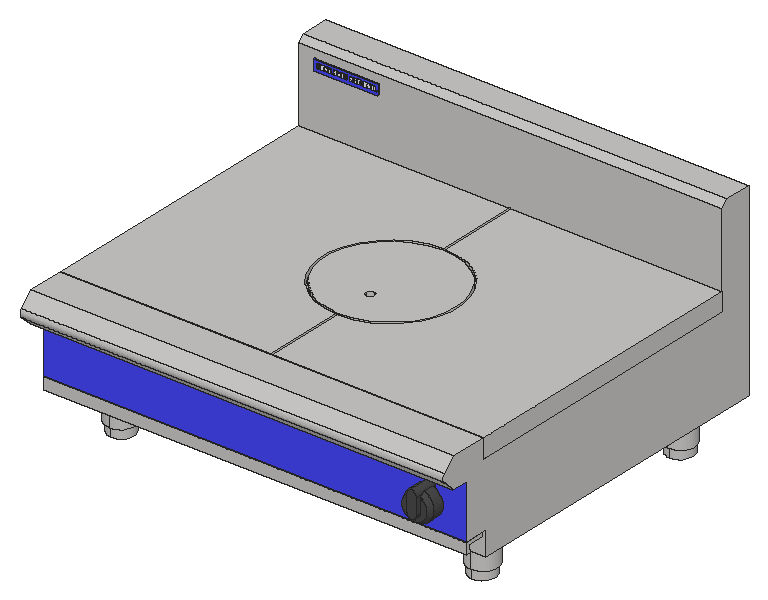
Revit family "QF_MOFFAT_BLUESEAL_AU_G57-B", category Specialty Equipment, Revit 2012
Parameters
  Width = 900 mm
  Weight in Pounds = 392
  URL Cutsheet = "www.moffat.com"
  URL = "www.moffat.com"
  Type Mark [instance] = ""
  Status [instance] = ""
  Specification by User [instance] = ""
  Specification by Manufacturer = ""
  Show Logo [instance] = yes
  Show Clearance [instance] = yes
  Serial Number = ""
  Seismic Rating = ""
  SMACNA No = ""
  Revision Code [instance] = ""
  Omniclass Number and Title = ""
  NAFEM Spec ID Number = ""
  Model = "G57-B"
  Mechanical Remarks = ""
  Mechanical Connection Type [instance] = ""
  Masterspec = ""
  Manufacturer = "MOFFAT BLUESEAL"
  Item Number [instance] = ""
  Installed By [instance] = ""
  Identify Quantity as Lot [instance] = yes
  Height = 485 mm
  Gas Size = 3/4"
  Gas RI Height [instance] = 0 mm
  Gas KW [instance] = 12.5
  Gas Input [instance] = 42651.0 Btu/h
  Gas Connection Height = 0 mm
  Furnished By [instance] = ""
  Foodservice Equipment Identifier [instance] = yes
  Description = "900MM GAS TARGET TOP BENCH MOUNT"
  Depth = 812 mm
  CSI MasterFormat = ""
  CSI Master Format = ""
Reference planes
  plane 1 "BACK": y = 0
  plane 2: z = 0
  plane 3 "LEFT": x = 0
  plane 4 "RIGHT": x = 900
  plane 5 "FRONT": y = -812
  plane 6 "TOP": z = 485
  plane 7 "Center Y": x = 450
  plane 8 "Center X": y = -406
  plane 9: x = 280
  plane 10: y = -574.272
  plane 11: x = 60
  plane 12: y = -304.972
  plane 13: y = -364.972
  plane 14: x = 74
  plane 15: x = 834.5
  plane 16: y = -32
  plane 17: y = -100
  plane 18: y = -625
  plane 19: z = 85
  plane 20: z = 315
Forms (mm)
  Extrusion 1, solid, material "QF_Finishes_Stainless Steel"
    sketch origin (0, 0, 0) x (0, 1, 0) y (0, 0, 1)
      loop
        line (0, 85) -> (0, 485) -> (-57, 485) -> (-70, 472) -> (-70, 275) -> (-705, 275) -> (-705, 315) -> (-783.97, 315) -> (-808.503, 290.467)
        arc (-808.503, 290.467) -> (-812.01, 282) -> (-808.503, 273.533) r 11.974
        line (-808.503, 273.533) -> (-784.97, 250) -> (-749, 250) -> (-749, 136.219) -> (-699, 136.219) -> (-699, 85) -> (0, 85)
      loop
        line (-749, 110) -> (-740.224, 110) -> (-742.613, 126.999) -> (-707.93, 126.999) -> (-707.93, 134.003) -> (-749, 134.003) -> (-749, 110)
    from 0 to 900
  Revolve 2, solid, material "QF_Finishes_Stainless Steel"
    sketch origin (834.5, -171.126, 0) x (0, 1, 0) y (0, 0, -1)
      loop
        line (39.376, -85) -> (71.126, -85) -> (71.126, 0) -> (43.626, 0) -> (43.626, -20) -> (39.376, -20) -> (39.376, -85)
      axis (71.126, -85) -> (71.126, 0)
    angle from 0 to 360
  Revolve 3, solid, material "QF_Finishes_Stainless Steel"
    sketch origin (65.5, -171.126, 0) x (0, 1, 0) y (0, 0, 1)
      loop
        line (39.376, 85) -> (39.376, 20) -> (43.626, 20) -> (43.626, 0) -> (71.126, 0) -> (71.126, 85) -> (39.376, 85)
      axis (71.126, 85) -> (71.126, 0)
    angle from 0 to 360
  Revolve 4, solid, material "QF_Finishes_Stainless Steel"
    sketch origin (834.5, -696.126, 0) x (0, 1, 0) y (0, 0, -1)
      loop
        line (39.376, -85) -> (71.126, -85) -> (71.126, 0) -> (43.626, 0) -> (43.626, -20) -> (39.376, -20) -> (39.376, -85)
      axis (71.126, -85) -> (71.126, 0)
    angle from 0 to 360
  Revolve 5, solid, material "QF_Finishes_Stainless Steel"
    sketch origin (65.5, -696.126, 0) x (0, 1, 0) y (0, 0, 1)
      loop
        line (39.376, 85) -> (39.376, 20) -> (43.626, 20) -> (43.626, 0) -> (71.126, 0) -> (71.126, 85) -> (39.376, 85)
      axis (71.126, 85) -> (71.126, 0)
    angle from 0 to 360
  Extrusion 6, solid, material "QF_Finishes_Stainless Steel"
    sketch origin (-64.5, 0, -270) x (1, 0, 0) y (0, 1, 0)
      loop
        circle (834.5, -32) r 10
    from 325 to 355
  Revolve 7, solid, material "QF_Finishes_Black"
    sketch origin (824.351, 45.874, -603.868) x (0, 1, 0) y (0, 0, 1)
      loop
        line (-827.874, 829.5) -> (-838.874, 823.651) -> (-838.874, 797) -> (-794.874, 797) -> (-794.874, 802) -> (-804.874, 802) -> (-804.874, 829.5) -> (-827.874, 829.5)
      axis (-838.874, 797) -> (-794.874, 797)
    angle from 0 to 360
  Extrusion 8, solid, material "QF_Finishes_Black"
    sketch origin (676.544, 7, -603.868) x (1, 0, 0) y (0, 0, 1)
      loop
        line (158.3, 789) -> (158.3, 824)
        arc (158.3, 824) -> (148.3, 834) -> (138.3, 824) r 10
        line (138.3, 824) -> (138.3, 789)
        arc (138.3, 789) -> (148.3, 779) -> (158.3, 789) r 10
    from 759 to 808
  Extrusion 9, solid, material "QF_Finishes_Stainless Steel"
    sketch origin (0, 0, -600) x (0, 1, 0) y (0, 0, 1)
      loop
        line (-70, 915) -> (-705, 915) -> (-705, 875) -> (-70, 875) -> (-70, 915)
    from 0 to 900
  Extrusion 10, void
    sketch origin (0, -72.734, 315) x (1, 0, 0) y (0, -1, 0)
      loop
        line (447.967, 173.281) -> (447.967, -2.734) -> (452.2, -2.734) -> (452.2, 173.283)
        arc (452.2, 173.283) -> (592.5, 315.967) -> (451.798, 458.255) r 142.5
        line (451.798, 458.255) -> (451.798, 632.266) -> (447.7, 632.266) -> (447.7, 458.248)
        arc (447.7, 458.248) -> (307.5, 315.632) -> (447.967, 173.281) r 142.5
      loop
        circle (450, 315.766) r 138
      loop
        circle (450, 370.766) r 8.75
    from 0 to 10
Cuts and joins
  Extrusion 10 cuts Extrusion 9
Lines and regions (mm)
  Split face 1
    outline origin (0, 0, 485) x (0, -1, 0) y (1, 0, 0)
      loop
        arc (46.585, 276) -> (41.585, 284.66) -> (31.585, 284.66) r 10
        line (31.585, 284.66) -> (24.585, 280.619)
        arc (24.585, 280.619) -> (20.925, 276.959) -> (19.585, 271.959) r 10
        line (19.585, 271.959) -> (19.585, 44)
        arc (19.585, 44) -> (24.585, 35.34) -> (34.585, 35.34) r 10
        line (34.585, 35.34) -> (41.585, 39.381)
        arc (41.585, 39.381) -> (45.245, 43.041) -> (46.585, 48.041) r 10
        line (46.585, 48.041) -> (46.585, 276)
  Split face 2
    outline origin (0, 0, 485) x (0, -1, 0) y (1, 0, 0)
      loop
        arc (46.585, 566) -> (41.585, 574.66) -> (31.585, 574.66) r 10
        line (31.585, 574.66) -> (24.585, 570.619)
        arc (24.585, 570.619) -> (20.925, 566.959) -> (19.585, 561.959) r 10
        line (19.585, 561.959) -> (19.585, 334)
        arc (19.585, 334) -> (24.585, 325.34) -> (34.585, 325.34) r 10
        line (34.585, 325.34) -> (41.585, 329.381)
        arc (41.585, 329.381) -> (45.245, 333.041) -> (46.585, 338.041) r 10
        line (46.585, 338.041) -> (46.585, 566)
  Split face 3
    outline origin (0, 0, 485) x (0, -1, 0) y (1, 0, 0)
      loop
        arc (46.585, 856) -> (41.585, 864.66) -> (31.585, 864.66) r 10
        line (31.585, 864.66) -> (24.585, 860.619)
        arc (24.585, 860.619) -> (20.925, 856.959) -> (19.585, 851.959) r 10
        line (19.585, 851.959) -> (19.585, 624)
        arc (19.585, 624) -> (24.585, 615.34) -> (34.585, 615.34) r 10
        line (34.585, 615.34) -> (41.585, 619.381)
        arc (41.585, 619.381) -> (45.245, 623.041) -> (46.585, 628.041) r 10
        line (46.585, 628.041) -> (46.585, 856)
  symbolic lines
    curve 1: line (0, 0, 0) -> (0, -812, 0)
    curve 2: line (900, 0, 0) -> (0, 0, 0)
    curve 3: line (900, -812, 0) -> (900, 0, 0)
    curve 4: line (900, -812, 0) -> (0, -812, 0)
    curve 5: line (447.967, -70, 0) -> (447.967, -246.014, 0)
    curve 6: arc (452.2, -246.017, 0) -> (592.5, -388.701, 0) -> (451.798, -530.989, 0) r 142.5
    curve 7: line (452.2, -246.017, 0) -> (452.2, -70, 0)
    curve 8: arc (588, -388.5, 0) -> (450, -250.5, 0) -> (312, -388.5, 0) r 138
    curve 9: arc (447.7, -530.981, 0) -> (307.5, -388.366, 0) -> (447.967, -246.014, 0) r 142.5
    curve 10: arc (312, -388.5, 0) -> (450, -526.5, 0) -> (588, -388.5, 0) r 138
    curve 11: line (451.798, -705, 0) -> (451.798, -530.989, 0)
    curve 12: line (447.7, -530.981, 0) -> (447.7, -705, 0)
    curve 13: line (0, -705, 0) -> (900, -705, 0)
    curve 14: line (900, -70, 0) -> (0, -70, 0)
    curve 15: arc (441.25, -443.5, 0) -> (450, -434.75, 0) -> (458.75, -443.5, 0) r 8.75
    curve 16: arc (458.75, -443.5, 0) -> (450, -452.25, 0) -> (441.25, -443.5, 0) r 8.75
    curve 17: line (0, -57, 0) -> (900, -57, 0)
    curve 18: line (0, -783.97, 0) -> (900, -783.97, 0)
    curve 19: line (271.959, -19.585, 0) -> (44, -19.585, 0)
    curve 20: arc (44, -19.585, 0) -> (35.34, -24.585, 0) -> (35.34, -34.585, 0) r 10
    curve 21: line (35.34, -34.585, 0) -> (39.381, -41.585, 0)
    curve 22: arc (39.381, -41.585, 0) -> (43.041, -45.245, 0) -> (48.041, -46.585, 0) r 10
    curve 23: line (48.041, -46.585, 0) -> (276, -46.585, 0)
    curve 24: arc (276, -46.585, 0) -> (284.66, -41.585, 0) -> (284.66, -31.585, 0) r 10
    curve 25: line (284.66, -31.585, 0) -> (280.619, -24.585, 0)
    curve 26: arc (280.619, -24.585, 0) -> (276.959, -20.925, 0) -> (271.959, -19.585, 0) r 10
    curve 27: line (561.959, -19.585, 0) -> (334, -19.585, 0)
    curve 28: arc (334, -19.585, 0) -> (325.34, -24.585, 0) -> (325.34, -34.585, 0) r 10
    curve 29: line (325.34, -34.585, 0) -> (329.381, -41.585, 0)
    curve 30: arc (329.381, -41.585, 0) -> (333.041, -45.245, 0) -> (338.041, -46.585, 0) r 10
    curve 31: line (338.041, -46.585, 0) -> (566, -46.585, 0)
    curve 32: arc (566, -46.585, 0) -> (574.66, -41.585, 0) -> (574.66, -31.585, 0) r 10
    curve 33: line (574.66, -31.585, 0) -> (570.619, -24.585, 0)
    curve 34: arc (570.619, -24.585, 0) -> (566.959, -20.925, 0) -> (561.959, -19.585, 0) r 10
    curve 35: line (851.959, -19.585, 0) -> (624, -19.585, 0)
    curve 36: arc (624, -19.585, 0) -> (615.34, -24.585, 0) -> (615.34, -34.585, 0) r 10
    curve 37: line (615.34, -34.585, 0) -> (619.381, -41.585, 0)
    curve 38: arc (619.381, -41.585, 0) -> (623.041, -45.245, 0) -> (628.041, -46.585, 0) r 10
    curve 39: line (628.041, -46.585, 0) -> (856, -46.585, 0)
    curve 40: arc (856, -46.585, 0) -> (864.66, -41.585, 0) -> (864.66, -31.585, 0) r 10
    curve 41: line (864.66, -31.585, 0) -> (860.619, -24.585, 0)
    curve 42: arc (860.619, -24.585, 0) -> (856.959, -20.925, 0) -> (851.959, -19.585, 0) r 10
Dimensions and locks
  equal spacing: plane 3 "LEFT", plane 7 "Center Y", plane 4 "RIGHT"
  "Width": plane 3 "LEFT" to plane 4 "RIGHT"
  equal spacing: plane 5 "FRONT", plane 8 "Center X", plane 1 "BACK"
  plane 5 "FRONT" to plane 1 "BACK" = 812 mm  (x3)
  equal spacing: plane 4 "RIGHT", plane 7 "Center Y", plane 3 "LEFT"
  plane 4 "RIGHT" to plane 3 "LEFT" = 900 mm
  "Height": plane 6 "TOP" to level
  plane 10 to plane 1 "BACK" = 574.272 mm
  plane 12 to plane 1 "BACK" = 304.972 mm  (x2)
  plane 11 to plane 3 "LEFT" = 60 mm
  plane 14 to plane 3 "LEFT" = 74 mm
  plane 9 to plane 3 "LEFT" = 280 mm
  plane 6 "TOP" to plane 2 = 485 mm
  plane 2 to plane 19 = 85 mm
  plane 20 to plane 2 = 315 mm
  plane 6 "TOP" to level = 485 mm
  Extrusion 6 to level = 55 mm
  Extrusion 6 sketch curve to plane 4 "RIGHT" = 130 mm
  aligned and locked: level to plane 2
  aligned and locked: curve 3 to plane 4 "RIGHT"
Automatic sketch dimensions
  plane 19 to Revolve 2 sketch curve = 0 mm
  Revolve 2 sketch curve to level = 0 mm
  Revolve 2 sketch curve to plane 17 = 0 mm  (x2)
  Revolve 2 sketch curve to Revolve 2 sketch curve = 27.5 mm
  Revolve 2 sketch curve to Revolve 2 sketch curve = 31.75 mm
  Revolve 2 sketch curve to Revolve 2 sketch curve = 35 mm
  level to Revolve 2 sketch curve = 20 mm
  Revolve 2 sketch curve to Revolve 2 sketch curve = 55 mm
  plane 19 to Revolve 3 sketch curve = 0 mm
  Revolve 3 sketch curve to level = 0 mm
  Revolve 3 sketch curve to plane 17 = 0 mm  (x2)
  Revolve 3 sketch curve to Revolve 3 sketch curve = 27.5 mm
  Revolve 3 sketch curve to Revolve 3 sketch curve = 31.75 mm
  Revolve 3 sketch curve to level = 55 mm
  Revolve 3 sketch curve to Revolve 3 sketch curve = 20 mm
  plane 19 to Revolve 3 sketch curve = 35 mm
  plane 19 to Revolve 4 sketch curve = 0 mm
  Revolve 4 sketch curve to level = 0 mm
  Revolve 4 sketch curve to plane 18 = 0 mm  (x2)
  Revolve 4 sketch curve to Revolve 4 sketch curve = 27.5 mm
  Revolve 4 sketch curve to Revolve 4 sketch curve = 31.75 mm
  Revolve 4 sketch curve to Revolve 4 sketch curve = 35 mm
  level to Revolve 4 sketch curve = 20 mm
  Revolve 4 sketch curve to Revolve 4 sketch curve = 55 mm
  plane 19 to Revolve 5 sketch curve = 0 mm
  Revolve 5 sketch curve to level = 0 mm
  Revolve 5 sketch curve to plane 18 = 0 mm  (x2)
  Revolve 5 sketch curve to Revolve 5 sketch curve = 27.5 mm
  Revolve 5 sketch curve to Revolve 5 sketch curve = 31.75 mm
  Revolve 5 sketch curve to level = 55 mm
  Revolve 5 sketch curve to Revolve 5 sketch curve = 20 mm
  plane 19 to Revolve 5 sketch curve = 35 mm
  Extrusion 6 sketch curve to plane 16 = 0 mm
  Revolve 7 sketch curve to plane 5 "FRONT" = 19 mm
  Revolve 7 sketch curve to Revolve 7 sketch curve = 0 mm  (x2)
  Revolve 7 sketch curve to Revolve 7 sketch curve = 11 mm
  Revolve 7 sketch curve to Revolve 7 sketch curve = 12.7 mm
  Revolve 7 sketch curve to Revolve 7 sketch curve = 23 mm
  Revolve 7 sketch curve to Revolve 7 sketch curve = 10 mm
  Revolve 7 sketch curve to plane 19 = 108.132 mm
  Revolve 7 sketch curve to Revolve 7 sketch curve = 5 mm
  Revolve 7 sketch curve to Revolve 7 sketch curve = 26.651 mm
  Revolve 7 sketch curve to Revolve 7 sketch curve = 5.849 mm
  Extrusion 8 sketch curve to plane 15 = 19.656 mm
  Extrusion 8 sketch curve to plane 15 = 9.656 mm
  Extrusion 8 sketch curve to plane 19 = 100.132 mm
  Extrusion 8 sketch curve to Extrusion 8 sketch curve = 35 mm
  plane 19 to Extrusion 1 sketch curve = 0 mm
  Extrusion 1 sketch curve to plane 1 "BACK" = 0 mm
  Extrusion 1 sketch curve to plane 6 "TOP" = 194.533 mm
  Extrusion 1 sketch curve to plane 6 "TOP" = 211.467 mm
  Extrusion 1 sketch curve to Extrusion 1 sketch curve = 0 mm  (x2)
  Extrusion 1 sketch curve to Extrusion 1 sketch curve = 8.467 mm
  Extrusion 1 sketch curve to plane 20 = 65 mm
  Extrusion 1 sketch curve to Extrusion 1 sketch curve = 23.533 mm
  Extrusion 1 sketch curve to plane 6 "TOP" = 170 mm
  Extrusion 1 sketch curve to Extrusion 1 sketch curve = 24.533 mm
  Extrusion 1 sketch curve to Extrusion 1 sketch curve = 35.97 mm
  Extrusion 1 sketch curve to plane 20 = 188.001 mm
  Extrusion 1 sketch curve to Extrusion 1 sketch curve = 6.387 mm
  Extrusion 1 sketch curve to plane 20 = 205 mm
  Extrusion 1 sketch curve to Extrusion 1 sketch curve = 8.776 mm
  Extrusion 1 sketch curve to Extrusion 1 sketch curve = 34.683 mm
  Extrusion 1 sketch curve to Extrusion 1 sketch curve = 44 mm
  Extrusion 1 sketch curve to plane 6 "TOP" = 13 mm
  Extrusion 1 sketch curve to Extrusion 1 sketch curve = 13 mm
  Extrusion 1 sketch curve to Extrusion 1 sketch curve = 57 mm
  Extrusion 1 sketch curve to Extrusion 1 sketch curve = 7.004 mm
  Extrusion 1 sketch curve to Extrusion 1 sketch curve = 2.216 mm
  Extrusion 1 sketch curve to plane 6 "TOP" = 210 mm
  Extrusion 1 sketch curve to plane 6 "TOP" = 0 mm
  plane 18 to Extrusion 1 sketch curve = 74 mm
  Extrusion 1 sketch curve to Extrusion 1 sketch curve = 8.93 mm
  level to Extrusion 9 sketch curve = 315 mm
  plane 18 to Extrusion 9 sketch curve = 80 mm
  Extrusion 9 sketch curve to plane 17 = 30 mm
  Extrusion 9 sketch curve to Extrusion 9 sketch curve = 40 mm
  Extrusion 10 sketch curve to Extrusion 10 sketch curve = 0 mm  (x13)
  Extrusion 10 sketch curve to Extrusion 9 = 0 mm
  Extrusion 9 to Extrusion 10 sketch curve = 0 mm
  Extrusion 9 to Extrusion 10 sketch curve = 447.7 mm
  Extrusion 9 to Extrusion 10 sketch curve = 447.967 mm
  Extrusion 10 sketch curve to Extrusion 10 sketch curve = 2.3 mm
  Extrusion 10 sketch curve to Extrusion 10 sketch curve = 4.098 mm
  Extrusion 10 sketch curve to Extrusion 10 sketch curve = 4.232 mm
  Extrusion 9 to Extrusion 10 sketch curve = 174.011 mm
  Extrusion 10 sketch curve to Extrusion 10 sketch curve = 0.007 mm
  Extrusion 10 sketch curve to Extrusion 10 sketch curve = 4.489 mm
  Extrusion 10 sketch curve to Extrusion 10 sketch curve = 83 mm
  Extrusion 10 sketch curve to Extrusion 10 sketch curve = 55 mm
  curve 6 to curve 8 = 0 mm  (x2)
  curve 6 to curve 9 = 0 mm  (x2)
  plane 1 "BACK" to curve 1 = 0 mm
  curve 1 to plane 3 "LEFT" = 0 mm
  curve 8 to plane 7 "Center Y" = 0 mm
  curve 16 to plane 7 "Center Y" = 0 mm
  plane 5 "FRONT" to curve 1 = 0 mm
  plane 9 to curve 8 = 32 mm
  curve 16 to plane 7 "Center Y" = 8.75 mm
  curve 12 to plane 7 "Center Y" = 2.3 mm
  curve 9 to plane 7 "Center Y" = 2.033 mm
  plane 7 "Center Y" to curve 11 = 1.798 mm
  plane 7 "Center Y" to curve 6 = 2.2 mm
  curve 18 to plane 5 "FRONT" = 28.03 mm
  plane 18 to curve 11 = 80 mm
  plane 10 to curve 11 = 43.284 mm
  curve 6 to curve 12 = 0.007 mm
  curve 15 to plane 8 "Center X" = 37.5 mm
  plane 8 "Center X" to curve 10 = 17.5 mm
  curve 14 to plane 17 = 30 mm
  curve 14 to curve 17 = 13 mm
  Split face 1 sketch curve to Extrusion 1 = 19.585 mm
  Split face 1 sketch curve to Split face 1 sketch curve = 5 mm  (x2)
  Split face 1 sketch curve to Split face 1 sketch curve = 10 mm  (x3)
  Split face 1 sketch curve to Split face 1 sketch curve = 7 mm  (x4)
  Split face 1 sketch curve to Extrusion 1 = 864.66 mm
  Split face 1 sketch curve to Split face 1 sketch curve = 4.041 mm  (x2)
  Split face 1 sketch curve to Split face 1 sketch curve = 223.917 mm
  Split face 2 sketch curve to Extrusion 1 = 19.585 mm
  Split face 2 sketch curve to Split face 2 sketch curve = 5 mm  (x3)
  Split face 2 sketch curve to Split face 2 sketch curve = 10 mm  (x2)
  Split face 2 sketch curve to Split face 2 sketch curve = 7 mm  (x4)
  Split face 2 sketch curve to Extrusion 1 = 574.66 mm
  Split face 2 sketch curve to Split face 2 sketch curve = 4.041 mm  (x2)
  Split face 2 sketch curve to Split face 2 sketch curve = 223.917 mm
  Split face 3 sketch curve to Extrusion 1 = 19.585 mm
  Split face 3 sketch curve to Split face 3 sketch curve = 5 mm  (x3)
  Split face 3 sketch curve to Split face 3 sketch curve = 10 mm  (x2)
  Split face 3 sketch curve to Split face 3 sketch curve = 7 mm  (x4)
  Split face 3 sketch curve to Extrusion 1 = 284.66 mm
  Split face 3 sketch curve to Split face 3 sketch curve = 4.041 mm  (x2)
  Split face 3 sketch curve to Split face 3 sketch curve = 223.917 mm
  curve 21 to plane 16 = 2.585 mm
  curve 21 to plane 11 = 24.66 mm
  curve 21 to curve 22 = 4.041 mm
  curve 20 to plane 11 = 16 mm
  curve 21 to curve 22 = 8.66 mm
  curve 26 to plane 9 = 8.041 mm
  curve 24 to plane 9 = 4 mm
  plane 9 to curve 26 = 0.619 mm
  plane 16 to curve 25 = 0.415 mm
  plane 9 to curve 25 = 4.66 mm
  curve 22 to plane 16 = 14.585 mm
  curve 22 to curve 21 = 7 mm
  plane 16 to curve 20 = 2.415 mm
  plane 16 to curve 26 = 2.415 mm
  curve 28 to plane 16 = 2.585 mm
  curve 25 to curve 28 = 40.679 mm
  curve 29 to plane 16 = 9.585 mm
  curve 29 to curve 29 = 4.041 mm
  plane 16 to curve 28 = 12.415 mm
  curve 29 to curve 28 = 8.66 mm
  curve 30 to curve 31 = 8.66 mm
  plane 16 to curve 34 = 2.415 mm
  plane 7 "Center Y" to curve 34 = 111.959 mm
  curve 34 to curve 32 = 4.041 mm
  plane 16 to curve 33 = 7.415 mm
  plane 16 to curve 32 = 0.415 mm
  curve 33 to curve 32 = 4.041 mm
  curve 30 to curve 30 = 5 mm
  curve 36 to plane 16 = 2.585 mm
  curve 32 to curve 36 = 40.679 mm
  curve 37 to plane 16 = 9.585 mm
  curve 37 to curve 37 = 4.041 mm
  plane 16 to curve 36 = 2.415 mm
  curve 37 to curve 36 = 8.66 mm
  curve 36 to curve 38 = 4.041 mm
  plane 16 to curve 42 = 2.415 mm
  plane 15 to curve 42 = 17.459 mm
  curve 42 to curve 39 = 4.041 mm
  plane 16 to curve 42 = 7.415 mm
  plane 16 to curve 41 = 0.415 mm
  curve 42 to curve 41 = 4.041 mm
  curve 40 to plane 16 = 14.585 mm
  radius of Extrusion 6 sketch curve = 10 mm
  radius of Extrusion 10 sketch curve = 8.75 mm
Nested families
  nested 1: "WALDORF LOGO_FACE BASE1" at (32, -70, 455.459) x (1, 0, 0) z (0, -1, 0), visible <- "Show Logo", type "WALDORF LOGO_FACE BASE", detail levels medium+fine
    with Show Logo yes
Connectors
  piping at (770, -32, 55)
    settings: on Extrusion 6, index 1, connector radius 0.37402", flow factor 0, pipe flow 0 GPM, pressure drop 0.00 psi, fitting loss kfactor 0, connector angle 0.00°, fixture units 0, engagement length 0 mm, flow configuration 1, flow direction 1, fitting loss method 0, system type 7, joint type 0, gender type 0, connector reference index -1, connector utility 0, adjustable connector no, is connector primary yes, fitting loss table "", connector description "GAS CONNECTION"
Definition of nested family "WALDORF LOGO_FACE BASE1"
  Parameters (values of type "WALDORF LOGO_FACE BASE")
    Show Logo [instance] = yes
    Default Elevation = 1219.2 mm
  Reference planes
    plane 1 "Center (Front/Back)": y = 0
    plane 2: z = 0
    plane 3 "Center (Left/Right)": x = 0
  Forms (mm)
    Extrusion 1, solid
      sketch origin (0, 0, 0) x (1, 0, 0) y (0, 1, 0)
        loop
          line (-1219.2, 1219.2) -> (-1219.2, -1219.2) -> (1219.2, -1219.2) -> (1219.2, 1219.2) -> (-1219.2, 1219.2)
      from 0 to -304.8
    Extrusion 2, solid, material "QF_Finishes_Blue", visible <- "Show Logo"
      sketch origin (0, -33.217, 0) x (1, 0, 0) y (0, 1, 0)
        loop
          arc (138, 31.942) -> (137.626, 32.844) -> (136.724, 33.217) r 1.276
          line (136.724, 33.217) -> (1.29, 33.217)
          arc (1.29, 33.217) -> (0.378, 32.839) -> (0, 31.927) r 1.29
          line (0, 31.927) -> (0, 11.507)
          arc (0, 11.507) -> (0.378, 10.595) -> (1.29, 10.217) r 1.29
          line (1.29, 10.217) -> (136.71, 10.217)
          arc (136.71, 10.217) -> (137.622, 10.595) -> (138, 11.507) r 1.29
          line (138, 11.507) -> (138, 31.942)
      from 0 to 1.588
    Extrusion 3, solid, material "QF_Finishes_White", visible <- "Show Logo"
      sketch origin (0, -33.217, 1.588) x (1, 0, 0) y (0, 1, 0)
        loop
          arc (108.946, 25.919) -> (107.613, 25.367) -> (107.061, 24.034) r 1.885
          line (107.061, 24.034) -> (107.061, 17.211) -> (112.704, 17.211) -> (112.704, 19.129) -> (115.546, 19.129) -> (115.546, 17.211) -> (121.584, 17.211) -> (121.584, 24.075)
          arc (121.584, 24.075) -> (121.043, 25.379) -> (119.739, 25.919) r 1.845
          line (119.739, 25.919) -> (108.946, 25.919)
        loop
          line (123.478, 25.919) -> (123.478, 17.163) -> (134.904, 17.163) -> (134.904, 19.129) -> (129.246, 19.129) -> (129.246, 25.919) -> (123.478, 25.919)
        loop
          line (112.704, 21.258) -> (115.546, 21.258) -> (115.546, 22.702)
          arc (115.546, 22.702) -> (115.344, 23.188) -> (114.858, 23.389) r 0.687
          line (114.858, 23.389) -> (113.363, 23.389)
          arc (113.363, 23.389) -> (112.897, 23.196) -> (112.704, 22.73) r 0.658
          line (112.704, 22.73) -> (112.704, 21.258)
        loop
          line (105.071, 25.919) -> (93.771, 25.919) -> (93.771, 17.163) -> (105.071, 17.163) -> (105.071, 19.063) -> (99.535, 19.063) -> (99.535, 20.437) -> (105.071, 20.437) -> (105.071, 22.278) -> (99.535, 22.278) -> (99.535, 23.587) -> (105.071, 23.587) -> (105.071, 25.919)
        loop
          line (91.104, 25.919) -> (79.541, 25.919)
          arc (79.541, 25.919) -> (78.558, 25.513) -> (78.152, 24.53) r 1.389
          line (78.152, 24.53) -> (78.152, 22.08)
          arc (78.152, 22.08) -> (78.558, 21.098) -> (79.541, 20.691) r 1.389
          line (79.541, 20.691) -> (86.346, 20.691) -> (86.346, 18.864) -> (83.266, 18.864) -> (83.266, 19.664) -> (78.152, 19.664) -> (78.152, 18.553)
          arc (78.152, 18.553) -> (78.558, 17.57) -> (79.541, 17.163) r 1.389
          line (79.541, 17.163) -> (91.063, 17.163)
          arc (91.063, 17.163) -> (92.045, 17.57) -> (92.452, 18.553) r 1.389
          line (92.452, 18.553) -> (92.452, 20.691)
          arc (92.452, 20.691) -> (92.045, 21.673) -> (91.063, 22.08) r 1.389
          line (91.063, 22.08) -> (83.266, 22.08) -> (83.266, 23.984) -> (86.346, 23.984) -> (86.346, 22.743) -> (92.452, 22.743) -> (92.452, 24.571)
          arc (92.452, 24.571) -> (92.057, 25.524) -> (91.104, 25.919) r 1.348
        loop
          line (70.705, 25.919) -> (59.405, 25.919) -> (59.405, 17.163) -> (70.705, 17.163) -> (70.705, 19.063) -> (65.169, 19.063) -> (65.169, 20.437) -> (70.705, 20.437) -> (70.705, 22.278) -> (65.169, 22.278) -> (65.169, 23.587) -> (70.705, 23.587) -> (70.705, 25.919)
        loop
          line (57.598, 25.919) -> (51.7, 25.919) -> (51.7, 20.18)
          arc (51.7, 20.18) -> (50.63, 19.11) -> (49.56, 20.18) r 1.07
          line (49.56, 20.18) -> (49.56, 25.919) -> (43.663, 25.919) -> (43.663, 19.049)
          arc (43.663, 19.049) -> (44.215, 17.716) -> (45.548, 17.163) r 1.885
          line (45.548, 17.163) -> (55.71, 17.163)
          arc (55.71, 17.163) -> (57.045, 17.716) -> (57.598, 19.051) r 1.887
          line (57.598, 19.051) -> (57.598, 25.919)
        loop
          line (31.62, 25.919) -> (31.62, 17.163) -> (43.046, 17.163) -> (43.046, 19.129) -> (37.388, 19.129) -> (37.388, 25.919) -> (31.62, 25.919)
        loop
          line (15.969, 25.919) -> (15.969, 17.163) -> (28.693, 17.163)
          arc (28.693, 17.163) -> (29.812, 17.627) -> (30.276, 18.746) r 1.582
          line (30.276, 18.746) -> (30.276, 20.447) -> (29.48, 21.243) -> (30.276, 22.039) -> (30.276, 24.332)
          arc (30.276, 24.332) -> (29.811, 25.454) -> (28.688, 25.919) r 1.587
          line (28.688, 25.919) -> (15.969, 25.919)
        loop
          line (21.449, 24.159) -> (21.449, 22.436) -> (23.862, 22.436)
          arc (23.862, 22.436) -> (24.723, 23.298) -> (23.862, 24.159) r 0.861
          line (23.862, 24.159) -> (21.449, 24.159)
        loop
          line (21.449, 20.244) -> (21.449, 18.522) -> (23.862, 18.522)
          arc (23.862, 18.522) -> (24.723, 19.383) -> (23.862, 20.244) r 0.861
          line (23.862, 20.244) -> (21.449, 20.244)
      from 0 to 0.2
    Extrusion 4, solid, material "QF_Finishes_Blue", visible <- "Show Logo"
      sketch origin (-126.498, -31.09, 1.588) x (1, 0, 0) y (0, 1, 0)
        loop
          line (136.738, 23.522) -> (136.738, 15.1)
          arc (136.738, 15.1) -> (140.756, 19.311) -> (136.738, 23.522) r 4.216
      from 0 to 0.2
    Extrusion 5, solid, material "QF_Finishes_Red", visible <- "Show Logo"
      sketch origin (146.849, -31.09, 1.588) x (-1, 0, 0) y (0, -1, 0)
        loop
          arc (136.738, -23.522) -> (140.756, -19.311) -> (136.738, -15.1) r 4.216
          line (136.738, -15.1) -> (136.738, -23.522)
      from 0 to 0.2
  Lines and regions (mm)
    Split face 1
      outline origin (-90.35, -30.793, 1.588) x (1, 0, 0) y (0, 1, 0)
        loop
          circle (100.54, 19.013) r 4.536
  Dimensions and locks
    aligned and locked: plane 2 to Extrusion 1
    aligned and locked: level to Extrusion 1
